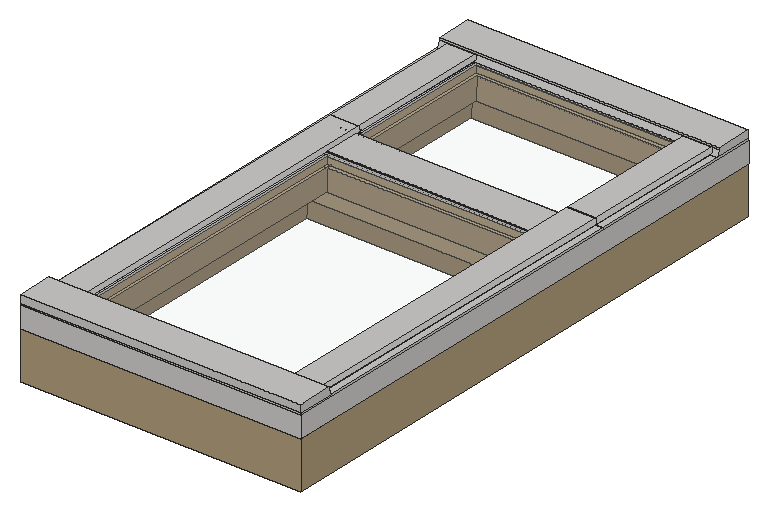
Revit family "Skylight_Fakro_FGH-V", category Generic Models, host Roof, Revit 2026
Family settings
  Host = Roof
  Can host rebar = No
  Round Connector Dimension = Use Diameter
  Part Type = Normal
  Always vertical = No
  Cut with Voids When Loaded = No
  Maintain Annotation Orientation = No
  Shared = No
  Room Calculation Point = No
Parameters
  Top Pane = ((L * 2) / 3) - (122.7 mm * 2)  # 954.6 mm
  S = 900 mm
  L = 1800 mm
  Interior Frame Material = Wood - Plywood - FAKRO
  Glazing = Glazing - Insulated - FAKRO - Triple Glazed
  Exterior Frame Material = Metal - Steel - FAKRO - Insulated
  Default Elevation = 0 mm
  Bottom Pane = (L / 3) - 122.7 mm  # 477.3 mm
  B = 1200 mm
  A = 1200 mm
Reference planes
  plane 1 "Center (Front/Back)": y = 0
  plane 2 "Roof": z = 3657.6
  plane 3 "Center (Left/Right)": x = 0
  plane 4 "Left": x = 450
  plane 5 "Right": x = -450
  plane 6 "Top": y = -710.842
  plane 7 "Not a Ref.": z = 3882.6
  plane 8: z = 3837.6
  plane 9: z = 3877.6
  plane 10: z = 3854.72
  plane 11: z = 3772.6
  plane 12: z = 3842.6
  plane 13 "Bottom": y = 1089.158
  plane 14: x = 327.341
  plane 15: x = -327.341
  plane 16: y = -588.183
  plane 17: y = 366.417
  plane 18: y = 489.198
  plane 19: y = 966.498
  plane 20 "Front": z = 3908.187
  plane 21: x = 412.61
  plane 22: x = -412.61
Forms (mm)
  Sweep 1, solid, material "Wood - Plywood - FAKRO" <- "Interior Frame Material"
    path origin (12.462, -139.342, 3908.187) x (0, 1, 0) y (-1, 0, 0)
      loop
        line (645.881, -437.538) -> (-571.5, -437.538) -> (-571.5, 462.462) -> (645.881, 462.462)
    profile origin (450, -102.152, 3908.187) x (1, 0, 0) y (0, 0, 1)
      loop
        line (-135.002, -53.467) -> (-120.522, -135.587) -> (-59.318, -135.587) -> (-59.318, -178.865) -> (-37.39, -250.587) -> (-32.39, -250.587) -> (-32.39, -240.587) -> (-22.39, -240.587) -> (-22.39, -250.587) -> (0, -250.587) -> (0, -98.187) -> (-37.39, -98.187) -> (-37.39, -30.587) -> (-59.318, -30.587) -> (-59.318, -86.347) -> (-84.318, -86.347) -> (-84.318, -30.587) -> (-122.659, -30.587) -> (-122.659, -53.467) -> (-135.002, -53.467)
  Sweep 2, solid, material "Wood - Plywood - FAKRO" <- "Interior Frame Material"
    path origin (12.462, -139.342, 3908.187) x (0, 1, 0) y (-1, 0, 0)
      loop
        line (645.881, 462.462) -> (1228.5, 462.462) -> (1228.5, -437.538) -> (645.881, -437.538)
    profile origin (450, 797.848, 3908.187) x (1, 0, 0) y (0, 0, 1)
      loop
        line (-135.002, -53.467) -> (-120.522, -135.587) -> (-59.318, -135.587) -> (-59.318, -178.865) -> (-37.39, -250.587) -> (-32.39, -250.587) -> (-32.39, -240.587) -> (-22.39, -240.587) -> (-22.39, -250.587) -> (0, -250.587) -> (0, -98.187) -> (-37.39, -98.187) -> (-37.39, -30.587) -> (-59.318, -30.587) -> (-59.318, -86.347) -> (-84.318, -86.347) -> (-84.318, -30.587) -> (-122.659, -30.587) -> (-122.659, -53.467) -> (-135.002, -53.467)
  Sweep 3, solid, material "Wood - Plywood - FAKRO" <- "Interior Frame Material"
    path origin (12.462, -139.342, 3908.187) x (0, 1, 0) y (-1, 0, 0)
      loop
        line (645.881, 425.073) -> (645.881, -400.148)
    profile origin (0, 506.539, 3908.187) x (0, 1, 0) y (0, 0, 1)
      loop
        line (-152.465, -53.467) -> (-137.985, -135.587) -> (-137.985, -178.865) -> (-116.057, -250.587) -> (-111.057, -250.587) -> (-111.057, -240.587) -> (-101.057, -240.587) -> (-101.057, -250.587) -> (-56.406, -250.587) -> (-56.406, -240.587) -> (-46.406, -240.587) -> (-46.406, -250.587) -> (-41.406, -250.587) -> (-19.478, -178.865) -> (-19.478, -135.587) -> (-4.998, -53.467) -> (-17.341, -53.467) -> (-17.341, -30.587) -> (-140.122, -30.587) -> (-140.122, -53.467) -> (-152.465, -53.467)
  Extrusion 4, solid, material "Metal - Steel - FAKRO - Insulated" <- "Exterior Frame Material"
    sketch origin (12.462, -139.342, 0) x (0, -1, 0) y (0, 0, 1)
      loop
        line (456.5, 3901.337) -> (448.841, 3882.6) -> (571.5, 3882.6) -> (571.5, 3908.187) -> (456.5, 3908.187) -> (456.5, 3901.337)
    from -437.538 to 462.462
  Extrusion 5, solid, material "Metal - Steel - FAKRO - Insulated" <- "Exterior Frame Material"
    sketch origin (12.462, 622.658, 0.5) x (0, 1, 0) y (0, 0, -1)
      loop
        line (351.5, -3901.337) -> (351.5, -3907.687) -> (466.5, -3907.687) -> (466.5, -3882.1) -> (343.636, -3882.1) -> (351.5, -3901.337)
    from -437.538 to 462.462
  Extrusion 6, solid, material "Glazing - Insulated - FAKRO - Triple Glazed" <- "Glazing"
    sketch origin (12.462, -139.342, 3657.6) x (-1, 0, 0) y (0, -1, 0)
      loop
        line (-322.538, 448.841) -> (-322.538, -505.759) -> (347.462, -505.759) -> (347.462, 448.841) -> (-322.538, 448.841)
    from 197.12 to 225
  Extrusion 7, solid, material "Glazing - Insulated - FAKRO - Triple Glazed" <- "Glazing"
    sketch origin (12.462, 1645.008, 3657.6) x (-1, 0, 0) y (0, -1, 0)
      loop
        line (-322.538, 1155.809) -> (-322.538, 678.509) -> (347.462, 678.509) -> (347.462, 1155.809) -> (-322.538, 1155.809)
    from 197.12 to 225
  Extrusion 8, void
    sketch origin (0, 0, 3657.6) x (1, 0, 0) y (0, 1, 0)
      loop
        line (450, -710.842) -> (450, 1089.158) -> (-450, 1089.158) -> (-450, -710.842) -> (450, -710.842)
    from 0 to 416.179
  Sweep 9, solid, material "Metal - Steel - FAKRO - Insulated" <- "Exterior Frame Material"
    path origin (12.462, -139.342, 3908.187) x (0, 1, 0) y (-1, 0, 0)
      loop
        line (645.881, -437.538) -> (-571.5, -437.538) -> (-571.5, 462.462) -> (645.881, 462.462)
    profile origin (450, -102.152, 3908.187) x (1, 0, 0) y (0, 0, 1)
      loop
        line (0, -25.587) -> (-25, -25.587) -> (-25, -20.587) -> (-20, -20.587) -> (-25, -6.85) -> (-115, -6.85) -> (-120, -20.587) -> (-115, -20.587) -> (-115, -25.587) -> (-122.659, -25.587) -> (-122.659, -30.587) -> (0, -30.587) -> (0, -25.587)
  Sweep 10, solid, material "Metal - Steel - FAKRO - Insulated" <- "Exterior Frame Material"
    path origin (12.462, -139.342, 3908.187) x (0, 1, 0) y (-1, 0, 0)
      loop
        line (645.881, 462.462) -> (1228.5, 462.462) -> (1228.5, -437.538) -> (645.881, -437.538)
    profile origin (450, 797.848, 3908.187) x (1, 0, 0) y (0, 0, 1)
      loop
        line (0, -25.587) -> (-25, -25.587) -> (-25, -20.587) -> (-20, -20.587) -> (-25, -6.85) -> (-115, -6.85) -> (-120, -20.587) -> (-115, -20.587) -> (-115, -25.587) -> (-122.659, -25.587) -> (-122.659, -30.587) -> (0, -30.587) -> (0, -25.587)
  Sweep 11, solid, material "Metal - Steel - FAKRO - Insulated" <- "Exterior Frame Material"
    path origin (12.462, -139.342, 3908.187) x (0, 1, 0) y (-1, 0, 0)
      loop
        line (645.881, 425.073) -> (645.881, -400.148)
    profile origin (0, 506.539, 3908.187) x (0, 1, 0) y (0, 0, 1)
      loop
        line (-140.122, -20.587) -> (-140.122, -30.587) -> (-17.341, -30.587) -> (-17.341, -20.539) -> (-20.841, -18.088) -> (-136.553, -18.088) -> (-140.122, -20.587)
  Sweep 12, solid, material "Metal - Steel - FAKRO - Insulated" <- "Exterior Frame Material"
    path origin (0, 0, 3657.6) x (1, 0, 0) y (0, 1, 0)
      loop
        line (-450, 1089.158) -> (-450, -710.842) -> (450, -710.842) -> (450, 1089.158) -> (-450, 1089.158)
    profile origin (450, 189.158, 3657.6) x (1, 0, 0) y (0, 0, 1)
      loop
        line (-37.39, 220) -> (-37.39, 152.4) -> (0, 152.4) -> (0, 220) -> (-37.39, 220)
Cuts and joins
  joined: Sweep 1, Sweep 2
Dimensions and locks
  equal spacing: host sketch curve, plane 3 "Center (Left/Right)", host sketch curve
  equal spacing: host sketch curve, plane 1 "Center (Front/Back)", host sketch curve
  "S": plane 4 "Left" to plane 5 "Right"
  equal spacing: plane 4 "Left", plane 3 "Center (Left/Right)", plane 5 "Right"
  locked: plane 4 "Left" to plane 14 at 122.659
  locked: plane 15 to plane 5 "Right" at 122.659
  locked: plane 16 to plane 6 "Top" at 122.659
  locked: plane 13 "Bottom" to plane 19 at 122.659
  locked: plane 7 "Not a Ref." to plane 20 "Front" at 25.587
  locked: plane 4 "Left" to plane 21 at 37.39
  locked: plane 22 to plane 5 "Right" at 37.39
  locked: plane 20 "Front" to host roof at 98.187
  "L": plane 13 "Bottom" to plane 6 "Top"
  "Bottom Pane": plane 18 to plane 19
  "Top Pane": plane 16 to plane 17
  locked: plane 9 to host roof at 67.6
  aligned and locked: plane 2 "Roof" to level
  aligned and locked: plane 6 "Top" to Sweep 1 sketch curve
  aligned and locked: plane 4 "Left" to Sweep 1 sketch curve
  aligned and locked: Sweep 1 sketch curve to plane 5 "Right"
  aligned and locked: Sweep 2 sketch curve to plane 13 "Bottom"
  aligned and locked: plane 4 "Left" to Extrusion 4
  aligned and locked: Extrusion 4 to plane 5 "Right"
  aligned and locked: Extrusion 5 to plane 7 "Not a Ref."
  aligned and locked: Extrusion 4 to plane 7 "Not a Ref."
  aligned and locked: plane 7 "Not a Ref." to Extrusion 6
  aligned and locked: plane 10 to Extrusion 6
  aligned and locked: plane 17 to Extrusion 6
  aligned and locked: Extrusion 6 to plane 16
  aligned and locked: Extrusion 7 to plane 18
  aligned and locked: plane 19 to Extrusion 7
  aligned and locked: Extrusion 8 sketch curve to plane 6 "Top"
  aligned and locked: Extrusion 8 sketch curve to plane 4 "Left"
  aligned and locked: plane 5 "Right" to Extrusion 8 sketch curve
  aligned and locked: plane 13 "Bottom" to Extrusion 8 sketch curve
  aligned and locked: plane 10 to Extrusion 7
  aligned and locked: plane 7 "Not a Ref." to Extrusion 7
  aligned and locked: plane 21 to Sweep 3 sketch curve
  aligned and locked: plane 22 to Sweep 3 sketch curve
  aligned and locked: Extrusion 4 to plane 20 "Front"
  aligned and locked: Extrusion 5 to plane 20 "Front"
  aligned and locked: Extrusion 5 to plane 5 "Right"
  aligned and locked: plane 4 "Left" to Extrusion 5
  aligned and locked: plane 18 to Sweep 3 sketch curve
  aligned and locked: plane 17 to Sweep 3 sketch curve
  aligned and locked: Sweep 12 sketch curve to plane 13 "Bottom"
  aligned and locked: plane 6 "Top" to Sweep 12 sketch curve
  aligned and locked: Sweep 12 sketch curve to plane 5 "Right"
  aligned and locked: plane 4 "Left" to Sweep 12 sketch curve
  aligned and locked: Sweep 12 sketch curve to plane 9
  aligned and locked: host roof to Sweep 12 sketch curve
Automatic sketch dimensions
  Sweep 1 sketch curve to plane 18 = 17.341 mm  (x2)
  Sweep 2 sketch curve to plane 4 "Left" = 0 mm
  Sweep 2 sketch curve to plane 5 "Right" = 0 mm
  Sweep 2 sketch curve to plane 18 = 17.341 mm  (x2)
  Sweep 3 sketch curve to plane 18 = 17.341 mm
  Extrusion 4 sketch curve to plane 7 "Not a Ref." = 0 mm
  Extrusion 4 sketch curve to plane 16 = 0 mm
  plane 20 "Front" to Extrusion 4 sketch curve = 0 mm
  Extrusion 4 sketch curve to plane 6 "Top" = 0 mm
  plane 16 to Extrusion 4 sketch curve = 7.659 mm
  Extrusion 4 sketch curve to Extrusion 4 sketch curve = 6.85 mm
  Extrusion 5 sketch curve to plane 7 "Not a Ref." = 0 mm
  plane 20 "Front" to Extrusion 5 sketch curve = 0 mm
  Extrusion 5 sketch curve to plane 13 "Bottom" = 0 mm
  Extrusion 5 sketch curve to plane 19 = 7.659 mm
  plane 19 to Extrusion 5 sketch curve = 0.204 mm
  plane 20 "Front" to Extrusion 5 sketch curve = 6.35 mm
  plane 17 to Extrusion 6 sketch curve = 0 mm
  plane 16 to Extrusion 6 sketch curve = 0 mm
  plane 14 to Extrusion 6 sketch curve = 7.659 mm
  Extrusion 6 sketch curve to plane 15 = 7.659 mm
  plane 19 to Extrusion 7 sketch curve = 0 mm
  plane 18 to Extrusion 7 sketch curve = 0 mm
  plane 14 to Extrusion 7 sketch curve = 7.659 mm
  Extrusion 7 sketch curve to plane 15 = 7.659 mm
  Sweep 9 sketch curve to plane 4 "Left" = 0 mm
  Sweep 9 sketch curve to plane 6 "Top" = 0 mm
  Sweep 9 sketch curve to plane 5 "Right" = 0 mm
  Sweep 9 sketch curve to plane 18 = 17.341 mm  (x2)
  profile plane to Sweep 9 sketch curve = 0 mm
  profile plane to Sweep 9 sketch curve = 20 mm
  plane 20 "Front" to Sweep 9 sketch curve = 6.85 mm
  Sweep 9 sketch curve to Sweep 9 sketch curve = 5 mm  (x6)
  plane 20 "Front" to Sweep 9 sketch curve = 20.587 mm
  Sweep 9 sketch curve to Sweep 9 sketch curve = 90 mm
  Sweep 9 sketch curve to Sweep 9 sketch curve = 0 mm
  Sweep 9 sketch curve to Sweep 9 sketch curve = 7.659 mm
  plane 20 "Front" to Sweep 9 sketch curve = 25.587 mm
  Sweep 10 sketch curve to plane 4 "Left" = 0 mm
  Sweep 10 sketch curve to plane 5 "Right" = 0 mm
  Sweep 10 sketch curve to plane 13 "Bottom" = 0 mm
  Sweep 10 sketch curve to plane 18 = 17.341 mm  (x2)
  profile plane to Sweep 10 sketch curve = 0 mm
  profile plane to Sweep 10 sketch curve = 20 mm
  plane 20 "Front" to Sweep 10 sketch curve = 6.85 mm
  Sweep 10 sketch curve to Sweep 10 sketch curve = 5 mm  (x6)
  plane 20 "Front" to Sweep 10 sketch curve = 20.587 mm
  Sweep 10 sketch curve to Sweep 10 sketch curve = 90 mm
  Sweep 10 sketch curve to Sweep 10 sketch curve = 0 mm
  Sweep 10 sketch curve to Sweep 10 sketch curve = 7.659 mm
  plane 20 "Front" to Sweep 10 sketch curve = 25.587 mm
  Sweep 11 sketch curve to plane 21 = 0 mm
  Sweep 11 sketch curve to plane 22 = 0 mm
  Sweep 11 sketch curve to plane 18 = 17.341 mm
  plane 20 "Front" to Sweep 11 sketch curve = 20.587 mm
  profile plane to Sweep 11 sketch curve = 140.122 mm
  plane 20 "Front" to Sweep 11 sketch curve = 18.088 mm
  Sweep 11 sketch curve to Sweep 11 sketch curve = 3.569 mm
  profile plane to Sweep 11 sketch curve = 20.841 mm
  Sweep 11 sketch curve to Sweep 11 sketch curve = 3.5 mm
  Sweep 11 sketch curve to Sweep 11 sketch curve = 2.451 mm
  Sweep 11 sketch curve to Sweep 11 sketch curve = 10 mm
  Sweep 3 sketch curve to Sweep 3 sketch curve = 12.343 mm
  Sweep 3 sketch curve to Sweep 3 sketch curve = 2.137 mm
  Sweep 3 sketch curve to Sweep 3 sketch curve = 21.928 mm
  Sweep 3 sketch curve to Sweep 3 sketch curve = 5 mm  (x2)
  Sweep 3 sketch curve to Sweep 3 sketch curve = 10 mm  (x4)
  Sweep 3 sketch curve to Sweep 3 sketch curve = 44.652 mm
  profile plane to Sweep 3 sketch curve = 19.478 mm
  profile plane to Sweep 3 sketch curve = 4.998 mm
  Sweep 3 sketch curve to profile plane = 250.587 mm
  Sweep 3 sketch curve to Sweep 3 sketch curve = 0 mm  (x2)
  Sweep 3 sketch curve to Sweep 3 sketch curve = 61.723 mm  (x2)
  Sweep 3 sketch curve to Sweep 3 sketch curve = 43.277 mm  (x2)
  Sweep 3 sketch curve to profile plane = 53.467 mm
  Sweep 3 sketch curve to Sweep 3 sketch curve = 22.88 mm  (x2)
  profile plane to Sweep 1 sketch curve = 0 mm
  profile plane to Sweep 1 sketch curve = 22.39 mm
  Sweep 1 sketch curve to Sweep 1 sketch curve = 10 mm  (x3)
  Sweep 1 sketch curve to Sweep 1 sketch curve = 5 mm
  profile plane to Sweep 1 sketch curve = 59.318 mm
  Sweep 1 sketch curve to Sweep 1 sketch curve = 0 mm  (x2)
  Sweep 1 sketch curve to Sweep 1 sketch curve = 25 mm
  Sweep 1 sketch curve to Sweep 1 sketch curve = 36.205 mm
  Sweep 1 sketch curve to Sweep 1 sketch curve = 38.342 mm
  Sweep 1 sketch curve to profile plane = 53.467 mm
  Sweep 1 sketch curve to Sweep 1 sketch curve = 12.343 mm
  Sweep 1 sketch curve to Sweep 1 sketch curve = 32.88 mm
  Sweep 1 sketch curve to Sweep 1 sketch curve = 11.84 mm
  Sweep 1 sketch curve to Sweep 1 sketch curve = 37.4 mm
  Sweep 1 sketch curve to Sweep 1 sketch curve = 43.277 mm
  Sweep 1 sketch curve to Sweep 1 sketch curve = 61.723 mm
  Sweep 1 sketch curve to profile plane = 30.587 mm
  Sweep 1 sketch curve to Sweep 1 sketch curve = 21.928 mm
  profile plane to Sweep 2 sketch curve = 0 mm
  profile plane to Sweep 2 sketch curve = 22.39 mm
  Sweep 2 sketch curve to Sweep 2 sketch curve = 10 mm  (x3)
  Sweep 2 sketch curve to Sweep 2 sketch curve = 5 mm
  Sweep 2 sketch curve to Sweep 2 sketch curve = 0 mm  (x2)
  Sweep 2 sketch curve to Sweep 2 sketch curve = 25 mm
  Sweep 2 sketch curve to Sweep 2 sketch curve = 36.205 mm
  Sweep 2 sketch curve to Sweep 2 sketch curve = 38.342 mm
  Sweep 2 sketch curve to profile plane = 53.467 mm
  Sweep 2 sketch curve to Sweep 2 sketch curve = 12.343 mm
  Sweep 2 sketch curve to Sweep 2 sketch curve = 32.88 mm
  Sweep 2 sketch curve to Sweep 2 sketch curve = 49.24 mm
  Sweep 2 sketch curve to Sweep 2 sketch curve = 43.277 mm
  Sweep 2 sketch curve to Sweep 2 sketch curve = 61.723 mm
  Sweep 2 sketch curve to profile plane = 30.587 mm
  Sweep 2 sketch curve to Sweep 2 sketch curve = 21.928 mm
  Sweep 2 sketch curve to Sweep 2 sketch curve = 11.84 mm
  profile plane to Sweep 2 sketch curve = 37.39 mm
  profile plane to Sweep 12 sketch curve = 0 mm
  profile plane to Sweep 12 sketch curve = 37.39 mm
